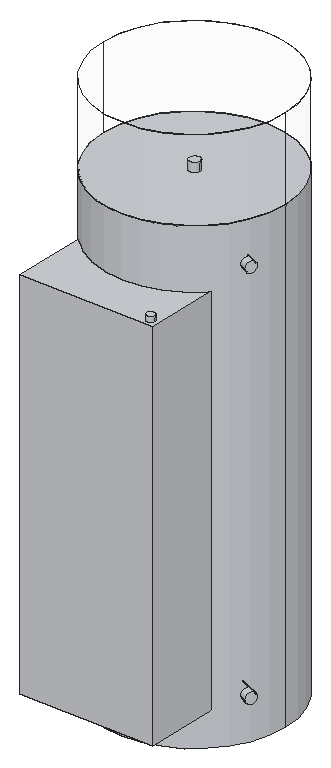
Revit family
Parameters (values of type "HS(Voltage)54 050 3 Phase")
  Wattage = KW * 1000 VA  # 54000 VA
  Water inlet length = Radius + 1"  # 11 7/8"
  VOLTAGE = 208 V
  Total Amps = KW * 1000 V / 1.73 / VOLTAGE  # 150.0667
  Top Clearance = 9 3/4"
  SES BIM Studio # = "201264902-42"
  URL = "http://www.lochinvar.com/products/Default.aspx?type=ProductLine&lineID=30"
  Panel Width = B_DIAMETER - 6"  # 15 3/4"
  Panel Depth = 13 7/8"
  Number of Poles = 3
  Model = "HS (X) 54 050"
  Manufacturer = "Lochinvar"
  MODEL NO. = "HS (Voltage) 54 050"
  KW = 54
  GALLON CAPACITY = "50"
  C_OVERALL DEPTH = 27"
  CONTINUOUS DELIVERY (GPH) = "221"
  B_DIAMETER = Radius * 2  # 21 3/4"
  A_HEIGHT = 55 3/4"
  Description = ""
  Fuel Type = ""
  Radius = 10 7/8"
  # OF ELEMENTS = "9"
Types (14): name | Wattage | Total Amps | Model | MODEL NO. | KW | CONTINUOUS DELIVERY (GPH) | # OF ELEMENTS
  (no name) | 54000 VA | 150.0667 | "HS (X) 54 050" | "HS (Voltage) 54 050" | 54 | "221" | "9"
  HS(Voltage)18 050 3 Phase | 18000 VA | 50.0222 | "HS (X) 18 050" | "HS (Voltage) 18 050" | 18 | "74" | "3"
  HS(Voltage)06 050 3 Phase | 6000 VA | 16.6741 | "HS (X) 6 050" | "HS (Voltage) 6 050" | 6 | "25" | "3"
  HS(Voltage)09 050 3 Phase | 9000 VA | 25.0111 | "HS (X) 9 050" | "HS (Voltage) 9 050" | 9 | "37" | "3"
  HS(Voltage)12 050 3 Phase | 12000 VA | 33.3482 | "HS (X) 12 050" | "HS (Voltage) 12 050" | 12 | "49" | "3"
  HS(Voltage)13.5 050 3 Phase | 13500 VA | 37.5167 | "HS (X) 13.5 050" | "HS (Voltage) 13.5 050" | 13.5 | "55" | "3"
  HS(Voltage)15 050 3 Phase | 15000 VA | 41.6852 | "HS (X) 15 050" | "HS (Voltage) 15 050" | 15 | "61" | "3"
  HS(Voltage)24 050 3 Phase | 24000 VA | 66.6963 | "HS (X) 24 050" | "HS (Voltage) 24 050" | 24 | "98" | "6"
  HS(Voltage)27 050 3 Phase | 27000 VA | 75.0333 | "HS (X) 27 050" | "HS (Voltage) 27 050" | 27 | "111" | "6"
  HS(Voltage)30 050 3 Phase | 30000 VA | 83.3704 | "HS (X) 30 050" | "HS (Voltage) 30 050" | 30 | "123" | "6"
  HS(Voltage)36 050 3 Phase | 36000 VA | 100.0445 | "HS (X) 36 050" | "HS (Voltage) 36 050" | 36 | "148" | "6"
  HS(Voltage)40 050 3 Phase | 40000 VA | 111.1605 | "HS (X) 40 050" | "HS (Voltage) 40 050" | 40 | "166" | "9"
  HS(Voltage)45 050 3 Phase | 45000 VA | 125.0556 | "HS (X) 50 050" | "HS (Voltage) 50 050" | 45 | "194" | "9"
  HS(Voltage)54 050 3 Phase | 54000 VA | 150.0667 | "HS (X) 54 050" | "HS (Voltage) 54 050" | 54 | "221" | "9"
Reference planes (in)
  plane 1 "Center (Front/Back)": y = 6.125
  plane 2: z = 0
  plane 3 "Center (Left/Right)": x = -1.39218
  plane 4 "Top": z = 55.75
  plane 5 "Top Clearance": z = 65.5
  plane 6 "Panel right": x = 6.48282
  plane 7 "Panel left": x = -9.26718
  plane 8 "Panel Face": y = -10
  plane 9: y = 17
  plane 10 "Panel top": z = 48.75
  plane 11 "Panel bottom": z = 4
  plane 12 "Water inlet anchor": through (-1.39218, 6.125, 48) normal (-0.9063, 0.4226, 0)
  plane 13 "Water inlet end": through (9.37023, 1.10641, 48) normal (-0.9063, 0.4226, 0)
  plane 14: through (-1.39218, 6.125, 48) normal (-0.9063, -0.4226, 0)
  plane 15: through (-12.15458, 1.10641, 48) normal (-0.9063, -0.4226, 0)
  plane 16: z = 5.25
  plane 17 "Control Panel Face": y = -9.25
Forms (in)
  Extrusion 1, solid
    sketch origin (0, 0, 0) x (1, 0, 0) y (0, 1, 0)
      loop
        circle (-1.39218, 6.125) r 10.875
    from 0 to 55.75
  Extrusion 2, solid, material "Clearance"
    sketch origin (0, 0, 55.75) x (-1, 0, 0) y (0, -1, 0)
      loop
        circle (1.39218, -6.125) r 10.875
    from 0 to 9.75
  Extrusion 3, solid
    sketch origin (-1.39218, 0, 0) x (0, 1, 0) y (0, 0, 1)
      loop
        line (6.125, 4) -> (6.125, 48.75) -> (-10, 48.75) -> (-10, 4) -> (6.125, 4)
    from 7.875 to -7.875
  Extrusion 4, solid
    sketch origin (0, 0, 55.75) x (-1, 0, 0) y (0, -1, 0)
      loop
        circle (1.39218, -6.125) r 0.625
    from 0 to 1
  Extrusion 5, solid
    sketch origin (0, 0, 48.75) x (-1, 0, 0) y (0, -1, 0)
      loop
        circle (-5.48282, 9) r 0.5
    from 0 to 0.5
  Extrusion 6, solid
    sketch origin (-4.99757, -2.51609, -1.07813) x (-0.422618, -0.906308, 0) y (0, 0, 1)
      loop
        circle (-9.35519, 6.3358) r 0.625
    from 0.38429 to -11.49071
  Extrusion 7, solid
    sketch origin (-0.30555, -3.58256, -1.07813) x (0.422618, -0.906308, 0) y (0, 0, -1)
      loop
        circle (-9.25727, -6.3358) r 0.625
    from 3.11777 to -8.75723
  Extrusion 8, solid
    sketch origin (-4.99757, -2.51609, 44.92188) x (-0.422618, -0.906308, 0) y (0, 0, 1)
      loop
        circle (-9.35519, 6.3358) r 0.625
    from 0.38429 to -11.49071
Lines and regions (in)
  model lines, style "MechanicalEquipment"
    curve 1: line (-5.39218, -10, 45.75) -> (2.60782, -10, 45.75)
    curve 2: line (2.60782, -10, 45.75) -> (2.60782, -10, 42.75)
    curve 3: line (-5.39218, -10, 42.75) -> (2.60782, -10, 42.75)
    curve 4: line (-5.39218, -10, 45.75) -> (-5.39218, -10, 42.75)
Dimensions and locks (in)
  "A_HEIGHT": plane 4 "Top" to level
  "Top Clearance": plane 5 "Top Clearance" to plane 4 "Top"
  equal spacing: plane 7 "Panel left", plane 3 "Center (Left/Right)", plane 6 "Panel right"
  "Panel Width": plane 7 "Panel left" to plane 6 "Panel right"
  "Radius": plane 9 to Extrusion 3
  "C_OVERALL DEPTH": plane 8 "Panel Face" to plane 9
  locked: plane 11 "Panel bottom" to plane 2 at 4
  "Water inlet length": plane 12 "Water inlet anchor" to plane 13 "Water inlet end"
  "Water inlet length": plane 14 to plane 15
  locked: plane 8 "Panel Face" to plane 17 "Control Panel Face" at 0.75
  "Radius": radius of Extrusion 1 sketch curve
  "Radius": radius of Extrusion 2 sketch curve
  aligned and locked: plane 4 "Top" to Extrusion 1
  aligned and locked: plane 5 "Top Clearance" to Extrusion 2
  aligned and locked: plane 6 "Panel right" to Extrusion 3
  aligned and locked: Extrusion 3 to plane 7 "Panel left"
  aligned and locked: plane 8 "Panel Face" to Extrusion 3
  aligned and locked: Extrusion 3 to plane 1 "Center (Front/Back)"
  aligned and locked: plane 10 "Panel top" to Extrusion 3
  aligned and locked: Extrusion 3 to plane 11 "Panel bottom"
Automatic sketch dimensions
  plane 1 "Center (Front/Back)" to Extrusion 1 sketch curve = 0"
  Extrusion 1 sketch curve to plane 3 "Center (Left/Right)" = 0"
  plane 1 "Center (Front/Back)" to Extrusion 2 sketch curve = 0"
  Extrusion 2 sketch curve to plane 3 "Center (Left/Right)" = 0"
  Extrusion 3 sketch curve to plane 8 "Panel Face" = 0"
  Extrusion 3 sketch curve to plane 1 "Center (Front/Back)" = 0"
  Extrusion 3 sketch curve to plane 11 "Panel bottom" = 0"
  Extrusion 3 sketch curve to plane 10 "Panel top" = 0"
  plane 1 "Center (Front/Back)" to Extrusion 4 sketch curve = 0"
  Extrusion 4 sketch curve to plane 3 "Center (Left/Right)" = 0"
  Extrusion 5 sketch curve to plane 17 "Control Panel Face" = 1/4"
  Extrusion 5 sketch curve to plane 6 "Panel right" = 1"
  plane 16 to Extrusion 6 sketch curve = 0.00768"
  Extrusion 7 sketch curve to plane 16 = 0.00768"
  plane 7 "Panel left" to curve 4 = 3 7/8"
  curve 3 to plane 6 "Panel right" = 3 7/8"
  curve 3 to plane 10 "Panel top" = 6"
  curve 2 to plane 10 "Panel top" = 3"
  Extrusion 8 sketch curve to plane 4 "Top" = 4.49232"
  radius of Extrusion 4 sketch curve = 5/8"
  radius of Extrusion 5 sketch curve = 1/2"
  radius of Extrusion 6 sketch curve = 5/8"
  radius of Extrusion 7 sketch curve = 5/8"
  radius of Extrusion 8 sketch curve = 5/8"
Connectors (in)
  piping at (-1.39218, 6.125, 56.75)
    settings: on Extrusion 4, index 1, connector radius 5/8", flow factor 0, pipe flow 0 GPM, pressure drop 0.00 psi, fitting loss kfactor 0, connector angle 0.00°, fixture units 0, flow configuration 0, flow direction 0, fitting loss method 0, system type 19, connector reference index -1, connector utility 0, adjustable connector no, is connector primary yes, fitting loss table "", connector description "Water Outlet"
  piping at (-12.15458, 1.10641, 5.25768)
    settings: on Extrusion 7, index 5, connector radius 3/8", flow factor 0, pipe flow 0 GPM, pressure drop 0.00 psi, fitting loss kfactor 0, connector angle 0.00°, fixture units 0, flow configuration 1, flow direction 2, fitting loss method 0, system type 16, connector reference index -1, connector utility 0, adjustable connector no, is connector primary no, fitting loss table "", connector description ""
  piping at (9.37023, 1.10641, 5.25768)
    settings: on Extrusion 6, index 6, connector radius 5/8", flow factor 0, pipe flow 0 GPM, pressure drop 0.00 psi, fitting loss kfactor 0, connector angle 0.00°, fixture units 0, flow configuration 0, flow direction 1, fitting loss method 0, system type 20, connector reference index -1, connector utility 0, adjustable connector no, is connector primary no, fitting loss table "", connector description "Water Inlet"
  electrical at (5.48282, -9, 49.25), driven by "Wattage", driven by "VOLTAGE", driven by "Number of Poles"
    settings: on Extrusion 5, index 7, voltage 208 V, apparent load 54000 VA, apparent load phase1 0 VA, apparent load phase2 0 VA, apparent load phase3 0 VA, power factor 1, load classification "Other", number of poles 3, system type 30, power factor state 1, is connector primary yes, connector utility no, sub classification motor no, connector description "Electrical"
